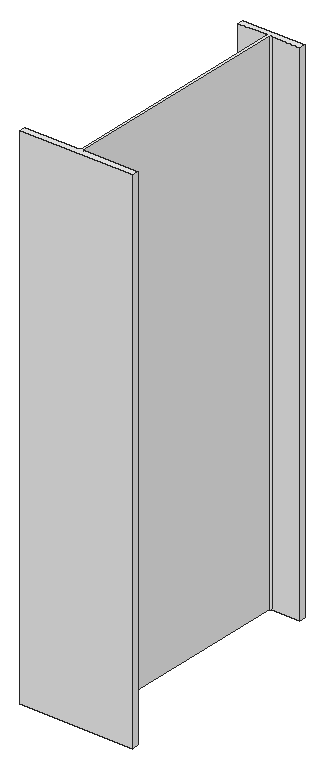
Revit family "M_FRS-Flange reduzida soldada-Coluna", category Pilares estruturais, Revit 2019
Family settings
  Forma do corte = Não definido
  Material para o comportamento do modelo = Aço
  Exportar sempre como geometria = Não
  Redução da viga na planta = Da caixa de vinculação
  Número OmniClass = 23.25.30.11.14.11
  Título OmniClass = Columns
  ID de item do Seek = WRF-Welded Reduced Flange-Column-0000-CAN-ENU
  Corte com vazios quando carregada = Não
  Representação simbólica = Das configurações de projeto
  Compartilhado = Não
  Exibir o pré-corte da família na vista da planta = Sim
Parameters (values of type "WRF1200x309")
  kr = k - (tw / 2)  # 8 mm
  bf_t = 300 mm
  W = 3.03
  Structural Material [instance] = Aço, 45-345
  Assembly Code = ""
  bf_b = 550 mm
  d = 1200 mm
  k = 14 mm
  tf = 30 mm
  tw = 12 mm
  A = 0.039 m²
Reference planes
  plane 1: y = 0
  plane 2: z = 0
  plane 3: x = 0
  plane 4: x = -275
  plane 5: x = 275
  plane 6: y = 600
  plane 7: y = -600
  plane 8: x = -3.969
  plane 9: x = 3.969
  plane 10: x = -150
  plane 11: x = 150
Forms (mm)
  Extrusion 1, solid, material "Aço, 45-345" <- "Structural Material", detail levels medium
    sketch origin (0, 0, 0) x (1, 0, 0) y (0, 1, 0)
      loop
        line (-150, 600) -> (-150, 570) -> (-6, 570) -> (-6, -570) -> (-275, -570) -> (-275, -600) -> (275, -600) -> (275, -570) -> (6, -570) -> (6, 570) -> (150, 570) -> (150, 600) -> (-150, 600)
    from 0 to 2500
  Extrusion 2, solid, material "Aço, 45-345" <- "Structural Material", detail levels fine
    sketch origin (0, 0, 0) x (1, 0, 0) y (0, 1, 0)
      loop
        line (-150, 600) -> (-150, 570) -> (-14, 570)
        arc (-14, 570) -> (-8.343, 567.657) -> (-6, 562) r 8
        line (-6, 562) -> (-6, -562)
        arc (-6, -562) -> (-8.343, -567.657) -> (-14, -570) r 8
        line (-14, -570) -> (-275, -570) -> (-275, -600) -> (275, -600) -> (275, -570) -> (14, -570)
        arc (14, -570) -> (8.343, -567.657) -> (6, -562) r 8
        line (6, -562) -> (6, 562)
        arc (6, 562) -> (8.343, 567.657) -> (14, 570) r 8
        line (14, 570) -> (150, 570) -> (150, 600) -> (-150, 600)
    from 0 to 2500
Lines and regions (mm)
  symbolic lines, style "StructuralColumnStickSymbols", detail levels coarse
    curve 1: line (-150, 600, 0) -> (150, 600, 0)
    curve 2: line (-275, -600, 0) -> (275, -600, 0)
    curve 3: line (0, 600, 0) -> (0, -600, 0)
  symbolic lines, style "Faces ocultas", detail levels medium+fine
    curve 4: line (-3.969, 0, 0) -> (-3.969, 0, 2500)
    curve 5: line (3.969, 0, 2500) -> (3.969, 0, 0)
Dimensions and locks
  equal spacing: plane 4, plane 3, plane 5
  equal spacing: plane 7, plane 1, plane 6
  "d": plane 7 to plane 6
  "bf_b": plane 4 to plane 5
  "tf": plane 7 to Extrusion 1 sketch curve
  "tf": Extrusion 1 sketch curve to plane 6
  equal spacing: Extrusion 1 sketch curve, plane 3, Extrusion 1 sketch curve
  "tw": Extrusion 1 sketch curve to Extrusion 1 sketch curve
  "bf_t": plane 10 to plane 11
  equal spacing: plane 10, plane 3, plane 11
  "kr": radius of Extrusion 2 sketch curve  (x4)
  aligned and locked: plane 6 to Extrusion 1 sketch curve
  aligned and locked: Extrusion 1 sketch curve to plane 7
  aligned and locked: Extrusion 1 sketch curve to plane 4
  aligned and locked: plane 5 to Extrusion 1 sketch curve
  aligned and locked: Extrusion 1 sketch curve to Extrusion 1 sketch curve  (x2)
  aligned and locked: level to Extrusion 1
  aligned and locked: level to plane 2
  aligned and locked: Extrusion 1 to plane 2
  aligned and locked: plane 6 to Extrusion 2 sketch curve
  aligned and locked: Extrusion 2 sketch curve to Extrusion 1  (x6)
  aligned and locked: Extrusion 2 sketch curve to plane 7
  aligned and locked: plane 5 to Extrusion 2 sketch curve
  aligned and locked: Extrusion 2 sketch curve to plane 4
  aligned and locked: level to Extrusion 2
  aligned and locked: Extrusion 2 to level
  aligned and locked: Extrusion 2 sketch curve to plane 10
  aligned and locked: plane 11 to Extrusion 2 sketch curve
  aligned and locked: Extrusion 1 sketch curve to plane 10
  aligned and locked: plane 11 to Extrusion 1 sketch curve
  aligned and locked: plane 10 to curve 1
  aligned and locked: plane 11 to curve 1
Automatic sketch dimensions
  curve 4 to level = 0 mm  (x2)
  curve 4 to plane 8 = 0 mm
  curve 5 to level = 0 mm  (x2)
  curve 5 to plane 9 = 0 mm
  curve 2 to plane 4 = 0 mm
  curve 1 to plane 6 = 0 mm
  curve 3 to plane 3 = 0 mm
  curve 2 to plane 5 = 0 mm
  curve 2 to plane 7 = 0 mm
Types in the file's own list only (14): name | kr | W | d | k | tf | tw | A
  WRF1800x543 | 10 mm | 5.33 | 1800 mm | 19 mm | 45 mm | 18 mm | 0.07 m²
  WRF1800x480 | 10 mm | 4.7 | 1800 mm | 19 mm | 35 mm | 18 mm | 0.06 m²
  WRF1800x416 | 10 mm | 4.07 | 1800 mm | 19 mm | 25 mm | 18 mm | 0.05 m²
  WRF1600x491 | 8 mm | 4.81 | 1600 mm | 16 mm | 45 mm | 16 mm | 0.06 m²
  WRF1600x427 | 8 mm | 4.18 | 1600 mm | 16 mm | 35 mm | 16 mm | 0.05 m²
  WRF1600x362 | 8 mm | 3.55 | 1600 mm | 16 mm | 25 mm | 16 mm | 0.05 m²
  WRF1400x413 | 8 mm | 4.05 | 1400 mm | 15 mm | 40 mm | 14 mm | 0.05 m²
  WRF1400x348 | 8 mm | 3.42 | 1400 mm | 15 mm | 30 mm | 14 mm | 0.04 m²
  WRF1400x284 | 8 mm | 2.78 | 1400 mm | 15 mm | 20 mm | 14 mm | 0.04 m²
  WRF1200x373 | 8 mm | 3.66 | 1200 mm | 14 mm | 40 mm | 12 mm | 0.05 m²
  WRF1200x244 | 8 mm | 2.39 | 1200 mm | 14 mm | 20 mm | 12 mm | 0.03 m²
  WRF1000x340 | 8 mm | 3.34 | 1000 mm | 13 mm | 40 mm | 10 mm | 0.04 m²
  WRF1000x275 | 8 mm | 2.7 | 1000 mm | 13 mm | 30 mm | 10 mm | 0.04 m²
  WRF1000x210 | 8 mm | 2.06 | 1000 mm | 13 mm | 20 mm | 10 mm | 0.03 m²
